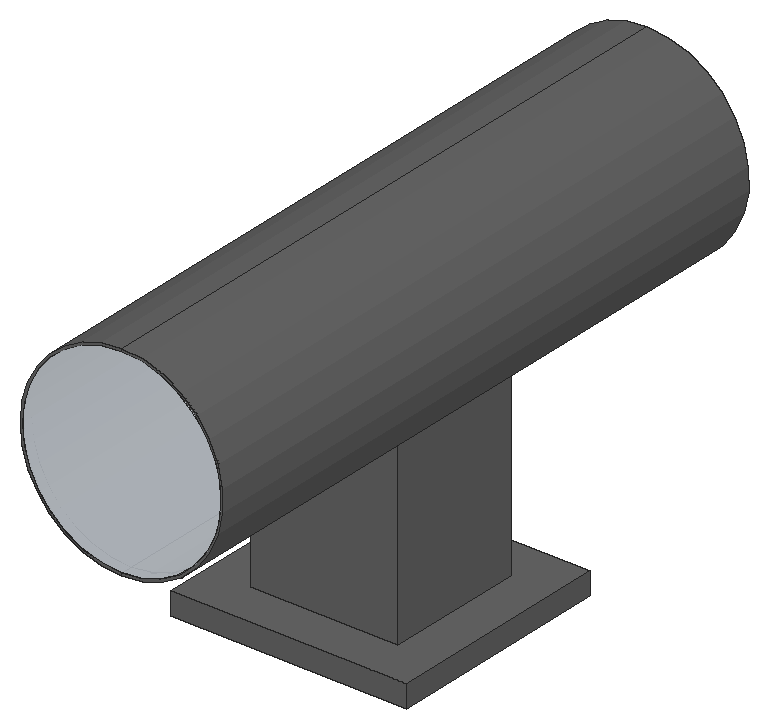
Revit family "LTC-3RDW-W", category Lighting Fixtures, host Face, Revit 2021
Family settings
  Host = Face
  Round Connector Dimension = Use Diameter
  Part Type = Normal
  OmniClass Number = 23.80.70.11.14.11
  OmniClass Title = Downlights
  Cut with Voids When Loaded = No
  Light Source = Yes
  Shared = No
  Room Calculation Point = No
Parameters (values of type "LTC-3RDW-W")
  Wattage Comments = ""
  Wattage = 25 W
  Warranty = "5 year warranty"  # constant formula
  built-in parameter 1150110 = 1 (stored number, unit not read)
  Voltage = 120 V
  built-in parameter 1114217 = 1 (stored number, unit not read)
  Tilt Angle = -90.00°  # constant formula
  built-in parameter 1150109 = 1 (stored number, unit not read)
  built-in parameter 1150134 = 3
  built-in parameter 1150113 = 1 (stored number, unit not read)
  Photometric Web File = "LTC-3RDPH-P-20L35K8MD-PM-S-BL.ies"
  Features = "•\t3inch architecturalLED round downlight and wall wash cylinder delivering 600 - 2000 lm\r\n•\t4 beam distributions from 0.4 to 1.1 Spacing Criteria\r\n•\tQuiet reflector appearance with 50º optical cutoff\r\n•\t2700K - 5000K, 80+ and 90+ CRI options\r\n•\tAvailable in Surface, Wall, Pendant, or Cord Mount configurations\r\n•\tVariety of dimming protocol options including 0-10V, DALI, DMX, Forward Phase and EcoSystem\r\n•\tNX Distributed Intelligence™ wired and wireless controls capability available\r\n•\t2 SDCM color consistency\r\n•\tLong life L90 at 55,000 hrs (TM-21)\r\n•\tFive year warranty\r\n\r\n"  # constant formula
  built-in parameter 1150105 = 179.05 (stored number, unit not read)
  Lumens = 2250 lm
  built-in parameter 1150115 = 1 (stored number, unit not read)
  built-in parameter 1150137 = (empty or 0)
  built-in parameter 1150139 = (empty or 0)
  built-in parameter 1150112 = 1 (stored number, unit not read)
  built-in parameter 1150114 = 1 (stored number, unit not read)
  built-in parameter 1150132 = (empty or 0)
  built-in parameter 1150102 = (empty or 0)
  built-in parameter 1150107 = 3200 (stored number, unit not read)
  built-in parameter 1150138 = (empty or 0)
  built-in parameter 1150106 = 1.7905 (stored number, unit not read)
  Emit from Circle Diameter = 4.000"  # constant formula
  Emit Shape Visible in Rendering = no
  built-in parameter 1150104 = 8.3613 (stored number, unit not read)
  Dimming Lamp Color Temperature Shift = <None>
  Copyright = "Prescolite"  # constant formula
  Contact us = ""
  Color Filter = 16777215
  Certifications = "• cCSAus certified to UL 1598\r\n• Wall Mount: Suitable for wet locations\r\n• Surface & Pendant Mount: Suitable for wet\r\nlocations under covered ceiling\r\n• Cord Mount and all Wall Wash: Suitable for\r\ndamp locations"  # constant formula
  built-in parameter 1114218 = 1 (stored number, unit not read)
  Ballast = Paint - Carbon Black
  URL = "https://www.currentlighting.com/prescolite"
  Product Page URL = ""
  Product Documentation Link = ""
  Model = "LTC-3RDW"  # constant formula
  Manufacturer = "Prescolite"  # constant formula
  Lamp = "LED Lamp"
  Reflector = Glass - Glass
  Description = "LITEISTRY™ 3inch Round Cylinder "  # constant formula
  Default Elevation = 48.000"
  Backbox = Matt Black
  built-in parameter 1150133 = 10 (stored number, unit not read)
  Apparent Load = 72 VA  # constant formula
Reference planes (in)
  plane 1 "Center (Front/Back)": y = 0
  plane 2: z = 0
  plane 3 "Center (Left/Right)": x = 0
  plane 4: x = -1
  plane 5: y = 1
  plane 6: x = 1
  plane 7: y = -1
  plane 8: y = 7
  plane 9: y = -7
  plane 10: y = -2.25
  plane 11: y = 2.25
  plane 12: z = 3.25714
Forms (in)
  Sweep 1, solid, material "Matt Black" <- "Backbox"
    path origin (5.35334, -0.10203, -0.08036) x (1, 0, 0) y (0, 1, 0)
      loop
        line (-7.61401, 2.28999) -> (-7.61401, -2.21001) -> (-2.98901, -2.21001) -> (-2.98901, 2.28999) -> (-7.61401, 2.28999)
    profile origin (0.05183, 2.18797, -0.08036) x (0, 1, 0) y (0, 0, 1)
      loop
        line (0, 0.4375) -> (-0.86619, 0.4375) -> (-0.86619, 3.97391) -> (-0.96619, 3.97391) -> (-0.96619, 0.3375) -> (-0.1, 0.3375) -> (-0.1, 0) -> (0, 0) -> (0, 0.4375)
Dimensions and locks (in)
  plane 4 to plane 3 "Center (Left/Right)" to plane 6 = 1.000" locked, 1.000" locked
  plane 5 to plane 1 "Center (Front/Back)" to plane 7 = 1.000" locked, 1.000" locked
  locked: Sweep 1 sketch curve to Sweep 1 sketch curve at 3.63641
  locked: Sweep 1 sketch curve to Sweep 1 sketch curve at 0.96619
  locked: Sweep 1 sketch curve to Sweep 1 sketch curve at 0.1  (x2)
  aligned and locked: plane 2 to host face
  aligned and locked: plane 3 "Center (Left/Right)" to imposter light
Nested families (in)
  nested 1: "LTC" at (0, 0.10365, 0.25) x (0, -1, 0) z (0, 0, 1), Ballast <- "Ballast", Reflector <- "Reflector", type "6"
    with Reflector Glass - Glass, Ballast Paint - Carbon Black
Connectors (in)
  electrical at (0, 0, 0), driven by "Description", driven by "Voltage", driven by "Apparent Load"
    settings: index 1, voltage 120 V, apparent load 72 VA, apparent load phase1 0 VA, apparent load phase2 0 VA, apparent load phase3 0 VA, power factor 1, load classification "Other", number of poles 1, system type 30, power factor state 1, is connector primary yes, connector utility no, sub classification motor no, connector description "LITEISTRY™ 3inch Round Cylinder "
Definition of nested family "LTC"
  Parameters
    Width = 12.89844"
    Wattage Comments = ""
    Lamp = ""
    Ballast [instance] = none
    URL = ""
    Product Page URL = ""
    Product Documentation Link = ""
    Model = ""
    Manufacturer Phone = ""
    Manufacturer Fax = ""
    Manufacturer = "Prescolite"
    Reflector [instance] = none
    Description = ""
    Default Elevation = 48.000"
  Reference planes (in)
    plane 1 "Center (Front/Back)": y = 0
    plane 2: z = 0
    plane 3 "Center (Left/Right)": x = 0
    plane 4: y = 7.75
    plane 5: y = -7.75
    plane 6: x = -6.44922
    plane 7: x = 6.44922
    plane 8: x = 6.22865
    plane 9: x = -7.64635
    plane 10: z = 6.9
    plane 11: x = 6.10365
  Forms (in)
    Extrusion 1, solid
      sketch origin (0, 0, 0) x (1, 0, 0) y (0, 1, 0)
        loop
          line (-48, 48) -> (-48, -48) -> (48, -48) -> (48, 48) -> (-48, 48)
      from 0 to -6
    Extrusion 2, solid, material <- "Reflector"
      sketch origin (22.47865, 0, 7.77135) x (0, 0, -1) y (0, 1, 0)
        loop
          circle (2.82643, 0) r 1.95
      from -16.02943 to -16.25
    Revolve 3, solid, material <- "Ballast"
      sketch origin (-9.02135, 0, 7.27135) x (0, 0, -1) y (1, 0, 0)
        loop
          line (4.32643, 15.47057) -> (4.27643, 15.47057) -> (4.27643, 2.69713) -> (2.32643, 2.69713) -> (2.32643, 2.57213) -> (4.32643, 2.57213) -> (4.32643, 15.47057)
        axis (2.32643, 15.47057) -> (2.32643, 2.57213)
      angle from 0 to 360
  Dimensions and locks (in)
    locked: plane 4 to plane 1 "Center (Front/Back)" at 7.75
    locked: plane 5 to plane 1 "Center (Front/Back)" at 7.75
    "Width": plane 7 to plane 6
    equal spacing: plane 7, plane 3 "Center (Left/Right)", plane 6
    locked: plane 8 to plane 11 at 0.125
    Revolve 3 sketch curve to Revolve 3 sketch curve = 1.950"
    aligned and locked: plane 2 to Extrusion 1
    aligned and locked: Extrusion 2 sketch curve to Revolve 3
    aligned and locked: plane 6 to Revolve 3 sketch curve
    aligned and locked: plane 7 to Revolve 3 sketch curve
    aligned and locked: plane 7 to Extrusion 2
    aligned and locked: Extrusion 2 to plane 8
  Automatic sketch dimensions
    Extrusion 1 sketch curve to Extrusion 1 sketch curve = 96.000"  (x2)
    plane 10 to Revolve 3 sketch curve = 1.95508"
    plane 10 to Revolve 3 sketch curve = 3.95508"
    Revolve 3 sketch curve to Revolve 3 sketch curve = 11.32213"
    Revolve 3 sketch curve to Revolve 3 sketch curve = 8.000"
    plane 10 to Revolve 3 sketch curve = 3.90508"
    plane 9 to Revolve 3 sketch curve = 1.32213"
